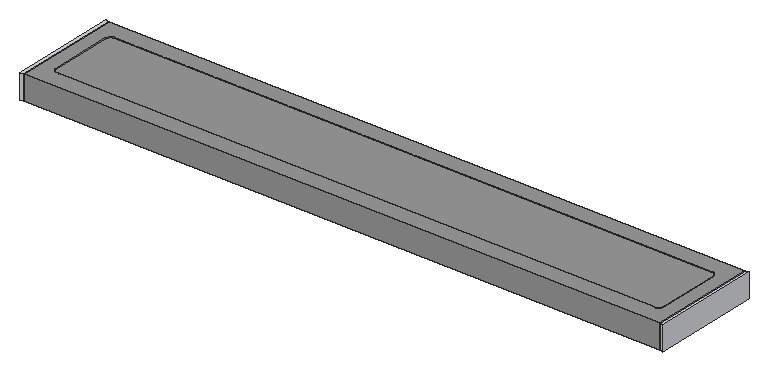
Revit family "0044080 Sylvania Lighting Fixture OPTIX S 1200 MPO DI 4000K EM WHITE", category Lighting Fixtures, host Face, Revit 2016
Family settings
  Host = Face
  Part Type = Normal
  Round Connector Dimension = Use Diameter
  OmniClass Number = 23.80.70.00
  OmniClass Title = Lighting
  Cut with Voids When Loaded = No
  Light Source = Yes
  Shared = No
  Room Calculation Point = No
Parameters (values of type "0044080 OPTIX S 1200 MPO D/I 4K EM WHITE")
  spacer height = 5 mm
  spacer centres = 1000 mm
  lens width = 1135 mm
  full length = 1200 mm
  Width = 200 mm
  Weight = "n/a"
  Wattage Comments = ""
  Wattage = 9.2903 W
  WarrantyStartDate [instance] = "n/a"
  WarrantyGuarantorParts = "n/a"
  WarrantyDurationUnit = "n/a"
  WarrantyDurationParts = ""
  WarrantyDescription = "http://www.sylvania-lighting.com"
  built-in parameter 1150110 = 1 (stored number, unit not read)
  Voltage = 0 V
  URL = "0.95"
  TypeName = "OPTIX S 1200 MPO D/I 4000K EM WHITE"
  Type Image = <None>
  Type Comments = "n/a"
  built-in parameter 1114217 = 1 (stored number, unit not read)
  Tilt Angle = 90.00°
  built-in parameter 1150109 = 1 (stored number, unit not read)
  built-in parameter 1150134 = 3
  built-in parameter 1150113 = 1 (stored number, unit not read)
  SerialNumber [instance] = "n/a"
  Photometric Web File = "0044080.ies"
  Material_3_FEILO = none
  PowerFactor = 0
  PowerConsumption = "Lighting"
  NominalLength = 200 mm
  NominalHeight = 0 mm
  NominalDepth = 0 mm
  Name = "OPTIX S 1200 MPO D/I 4000K EM WHITE"
  ModelReference = Name  # "OPTIX S 1200 MPO D/I 4000K EM WHITE"
  ModelNumber = "0044080"
  Model = Name  # "OPTIX S 1200 MPO D/I 4000K EM WHITE"
  Material = "Feilo Sylvania"
  ManufacturerName = "125 lm/W"
  Manufacturer = ""
  LuminousEfficacy = ""
  built-in parameter 1150105 = 109.82 (stored number, unit not read)
  Lumens = 1380 lm
  LuminaireType = "0"
  built-in parameter 1150115 = 1 (stored number, unit not read)
  LightOutputRatio = "LED"
  built-in parameter 1150137 = (empty or 0)
  built-in parameter 1150139 = (empty or 0)
  Lens Width = 135 mm
  Length = 1188 mm
  LampsType = Lamp  # "n/a"
  LampNominalLuminous = "4000 K"
  LampMacAdamStep = "80"
  LampColourTemperature = "LED"
  LampColourRenderingIndex = "16500"
  built-in parameter 1150112 = 1 (stored number, unit not read)
  built-in parameter 1150114 = 1 (stored number, unit not read)
  Lamp = "n/a"
  Keynote = "n/a"
  InstallationDate [instance] = "n/a"
  InputVoltage = "0"
  InputNominalFrequency = "4000"
  built-in parameter 1150132 = (empty or 0)
  built-in parameter 1150102 = (empty or 0)
  built-in parameter 1150107 = 3200 (stored number, unit not read)
  built-in parameter 1150138 = (empty or 0)
  IngressProtection = "IfcLightFixtureType"
  ImpactProtectionIndex = "IfcLightFixtureType"
  built-in parameter 1150106 = 1.0982 (stored number, unit not read)
  IfcExportType = "IfcLightFixtureType"
  IfcExportAs = "Class I"
  Height = 50 mm
  ExpectedLife = 50000
  Emit from Circle Diameter = 609.6 mm
  Emit Shape Visible in Rendering = no
  ElectricShockClassification = "125"
  built-in parameter 1150104 = 13.8 (stored number, unit not read)
  DurationUnit = "hours"
  DocumentationLiterature = "http://www.sylvania-lighting.com/product/en-int/products/0044080"
  DimmingControlOptions = "n/a"
  Material_2_FEILO = none
  Dimming Lamp Color Temperature Shift = <None>
  Description = "OPTIX S 1200 MPO D/I 4K EM WHITE is a high efficacy low glare surface or suspended LED Linear luminaire with Micro Prismatic Optic, with direct/indirect light distribution, luminaire dimensions: 1200x200x50mm, Sylvania White body colour (RAL9016), IP20, IK07, Constant current driver, 3hr maintained emergency version, low LED flicker (+/-5%), Neutral White (4000K) LED Colour Temperature, 4900lm luminous flux, 39W power consumption, 125lm/W system efficacy, CRI>80, SDCM 3 (3-step MacAdam ellipse) LED Colour Consistency, UGR<17, Luminance at 65° < 3000 cd/m2, lumen maintenance: L90B50 at 60000h, photobiological safety risk group 1. Electrical protection Class I."
  Default Elevation = 1219.2 mm
  CreatedOn = "20/10/2020"
  CreatedBy = "@sylvania-lighting.com"
  Cost = 0
  Color Filter = 16777215
  built-in parameter 1114216 [instance] = (empty or 0)
  ClassificationValue = "EF_70_80"
  ClassificationName = "Uniclass2015"
  Material_1_FEILO = none
  BarCode [instance] = "n/a"
  built-in parameter 1114218 = 1 (stored number, unit not read)
  built-in parameter 1150133 = 10 (stored number, unit not read)
  AssetType = "Fixed"
  AssetIdentifier [instance] = "n/a"
  Assembly Code = "D5020200"
  Apparent Load = 39 VA
  Material_4_FEILO = none
Reference planes
  plane 1 "Center (Front/Back)": y = 0
  plane 2: z = 0
  plane 3 "Center (Left/Right)": x = 0
  plane 4: z = 0
  plane 5: z = 50
  plane 6: y = 100
  plane 7: y = -100
  plane 8: x = -594
  plane 9: x = 594
  plane 10: z = 5
  plane 11: x = -500
  plane 12: x = 500
  plane 13: y = 10
  plane 14: y = -10
  plane 15: x = 487.5
  plane 16: x = 512.5
  plane 17: x = -512.5
  plane 18: x = -487.5
  plane 19: x = -567.5
  plane 20: x = 567.5
  plane 21: y = 67.5
  plane 22: y = -67.5
  plane 23: x = -557.5
  plane 24: y = 57.5
  plane 25: y = -57.5
  plane 26: x = 557.5
  plane 27: x = -600
  plane 28: x = 600
Forms (mm)
  Extrusion 1, solid, material "Aluminum 1100-H18", detail levels medium+fine
    sketch origin (4.2, 0, 0) x (1, 0, 0) y (0, 1, 0)
      loop
        line (-598.2, 100) -> (-598.2, -100) -> (589.8, -100) -> (589.8, 100) -> (-598.2, 100)
    from 5 to 50
  Extrusion 2, solid
    sketch origin (4.2, 0, 0) x (1, 0, 0) y (0, 1, 0)
      loop
        line (483.3, 10) -> (483.3, -10) -> (508.3, -10) -> (508.3, 10) -> (483.3, 10)
    from 0 to 5
  Extrusion 3, solid
    sketch origin (4.2, 0, 0) x (1, 0, 0) y (0, 1, 0)
      loop
        line (-516.7, 10) -> (-516.7, -10) -> (-491.7, -10) -> (-491.7, 10) -> (-516.7, 10)
    from 0 to 5
  Extrusion 4, void, detail levels fine
    sketch origin (4.2, 0, 0) x (0, 1, 0) y (1, 0, 0)
      loop
        line (67.5, -561.7) -> (67.5, 553.3)
        arc (67.5, 553.3) -> (64.571, 560.371) -> (57.5, 563.3) r 10
        line (57.5, 563.3) -> (-57.5, 563.3)
        arc (-57.5, 563.3) -> (-64.571, 560.371) -> (-67.5, 553.3) r 10
        line (-67.5, 553.3) -> (-67.5, -561.7)
        arc (-67.5, -561.7) -> (-64.571, -568.771) -> (-57.5, -571.7) r 10
        line (-57.5, -571.7) -> (57.5, -571.7)
        arc (57.5, -571.7) -> (64.571, -568.771) -> (67.5, -561.7) r 10
    from -50 to -48
  Extrusion 5, solid, detail levels medium+fine
    sketch origin (4.2, 0, 0) x (1, 0, 0) y (0, 1, 0)
      loop
        line (-604.2, 100) -> (-604.2, -100) -> (-598.2, -100) -> (-598.2, 100) -> (-604.2, 100)
    from 5 to 50
  Extrusion 6, solid, detail levels medium+fine
    sketch origin (4.2, 0, 0) x (1, 0, 0) y (0, 1, 0)
      loop
        line (589.8, 100) -> (589.8, -100) -> (595.8, -100) -> (595.8, 100) -> (589.8, 100)
    from 5 to 50
  Extrusion 7, solid, material "Glass, White, High Luminance", detail levels fine
    sketch origin (4.2, 0, 0) x (1, 0, 0) y (0, 1, 0)
      loop
        arc (-561.7, 67.5) -> (-568.771, 64.571) -> (-571.7, 57.5) r 10
        line (-571.7, 57.5) -> (-571.7, -57.5)
        arc (-571.7, -57.5) -> (-568.771, -64.571) -> (-561.7, -67.5) r 10
        line (-561.7, -67.5) -> (553.3, -67.5)
        arc (553.3, -67.5) -> (560.371, -64.571) -> (563.3, -57.5) r 10
        line (563.3, -57.5) -> (563.3, 57.5)
        arc (563.3, 57.5) -> (560.371, 64.571) -> (553.3, 67.5) r 10
        line (553.3, 67.5) -> (-561.7, 67.5)
    from 48 to 49.5
  Extrusion 8, solid, detail levels coarse
    sketch origin (4.2, 0, 0) x (1, 0, 0) y (0, 1, 0)
      loop
        line (-604.2, 100) -> (-604.2, -100) -> (595.8, -100) -> (595.8, 100) -> (-604.2, 100)
    from 0 to 50
Cuts and joins
  Extrusion 4 cuts Extrusion 2
  Extrusion 4 cuts Extrusion 3
  Extrusion 4 cuts Extrusion 1
Dimensions and locks
  "Width": plane 6 to plane 7
  equal spacing: plane 6, plane 1 "Center (Front/Back)", plane 7
  "Length": plane 8 to plane 9
  equal spacing: plane 8, plane 3 "Center (Left/Right)", plane 9
  "spacer height": plane 10 to host face
  "Height": plane 5 to level
  "spacer centres": plane 11 to plane 12
  equal spacing: plane 11, plane 3 "Center (Left/Right)", plane 12
  "lens width": plane 19 to plane 20
  equal spacing: plane 19, plane 3 "Center (Left/Right)", plane 20
  "Lens Width": plane 21 to plane 22
  equal spacing: plane 21, plane 1 "Center (Front/Back)", plane 22
  "full length": plane 27 to plane 28
  equal spacing: plane 27, plane 3 "Center (Left/Right)", plane 28
  aligned and locked: plane 2 to host face
  aligned and locked: level to host face
Automatic sketch dimensions
  host sketch curve to host sketch curve = 2438.4 mm  (x2)
  Extrusion 1 sketch curve to plane 7 = 0 mm
  Extrusion 1 sketch curve to plane 8 = 0 mm
  Extrusion 1 sketch curve to plane 9 = 0 mm
  Extrusion 1 sketch curve to plane 6 = 0 mm
  Extrusion 2 sketch curve to plane 14 = 0 mm
  Extrusion 2 sketch curve to plane 15 = 0 mm
  Extrusion 2 sketch curve to plane 16 = 0 mm
  Extrusion 2 sketch curve to plane 13 = 0 mm
  Extrusion 3 sketch curve to plane 14 = 0 mm
  Extrusion 3 sketch curve to plane 17 = 0 mm
  Extrusion 3 sketch curve to plane 18 = 0 mm
  Extrusion 3 sketch curve to plane 13 = 0 mm
  Extrusion 4 sketch curve to plane 22 = 0 mm
  Extrusion 4 sketch curve to plane 19 = 0 mm
  Extrusion 4 sketch curve to plane 25 = 0 mm  (x2)
  Extrusion 4 sketch curve to plane 20 = 0 mm
  Extrusion 4 sketch curve to plane 24 = 0 mm  (x2)
  Extrusion 4 sketch curve to plane 23 = 0 mm
  Extrusion 5 sketch curve to plane 7 = 0 mm
  Extrusion 5 sketch curve to plane 27 = 0 mm
  Extrusion 5 sketch curve to plane 8 = 0 mm
  Extrusion 5 sketch curve to plane 6 = 0 mm
  Extrusion 6 sketch curve to plane 7 = 0 mm
  Extrusion 6 sketch curve to plane 9 = 0 mm
  Extrusion 6 sketch curve to plane 28 = 0 mm
  Extrusion 6 sketch curve to plane 6 = 0 mm
  Extrusion 7 sketch curve to plane 23 = 0 mm  (x2)
  Extrusion 7 sketch curve to plane 21 = 0 mm
  Extrusion 7 sketch curve to plane 22 = 0 mm
  Extrusion 7 sketch curve to plane 26 = 0 mm  (x2)
  Extrusion 7 sketch curve to plane 20 = 0 mm
  Extrusion 7 sketch curve to plane 24 = 0 mm
  Extrusion 8 sketch curve to plane 7 = 0 mm
  Extrusion 8 sketch curve to plane 27 = 0 mm
  Extrusion 8 sketch curve to plane 28 = 0 mm
  Extrusion 8 sketch curve to plane 6 = 0 mm
Connectors
  electrical at (0, 0, 0), driven by "Apparent Load", driven by "PowerFactor", driven by "Voltage"
    settings: index 1, voltage 0 V, apparent load 39 VA, apparent load phase1 0 VA, apparent load phase2 0 VA, apparent load phase3 0 VA, power factor 0, load classification "Lighting", number of poles 1, system type 30, power factor state 1, is connector primary yes, connector utility no, sub classification motor no, connector description ""
